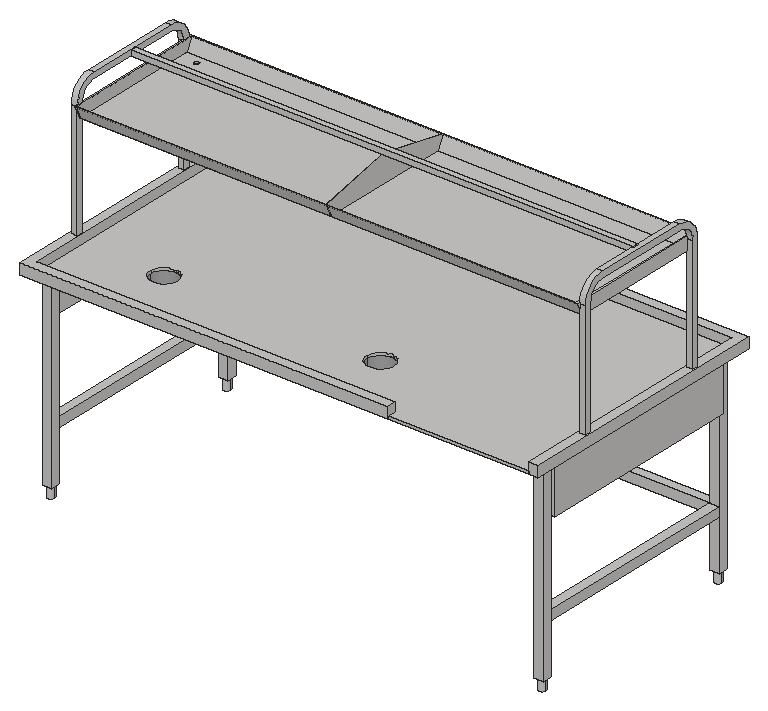
Revit family "QF_ELECTROLUXPROFESSIONAL_865345_BHST2211L", category Attrezzature speciali, Revit 2020
Family settings
  Quota connettore circolare = Usa diametro
  Tipo di parte = Normale
  Basato su piano di lavoro = No
  Sempre verticale = Sì
  Taglio con vuoti quando caricato = No
  Condiviso = No
  Punto di calcolo locali = No
Parameters (values of type "Standard")
  Weight = 19.00 kg
  Watts = 0 W
  Volts = 0 V
  URL Manufacturer = "https://www.electroluxprofessional.com/"
  URL = "https://www.electroluxprofessional.com/"
  Steam Supply Size = 0 mm
  Steam Supply Minimum Pressure = 0.0 Pa
  Steam Supply Maximum Pressure = 0.0 Pa
  Steam Consumption per Hour = 0
  Refrigeration Suction Line Size = 0 mm
  Refrigeration Liquid Line Size = 0 mm
  Refrigerant Compressor Remote = yes
  Prospetto di default = 0 mm
  Produttore = "Electrolux Professional"
  Phase = 0
  Modello = "BHST2211L"
  Length Actual = 2200 mm  # constant formula
  Item Number = "865345"
  Hot Water Size = 0 mm
  Height Actual = 1551 mm  # constant formula
  HP = "0 HP"
  Gas Size = 0 mm
  Gas KW = 0
  Gas Input Pressure = 0 W
  Direct Waste Size = 0 mm
  Description = "SORTING TABLE, LEFT>RIGHT, 2200X1100 MM "
  Depth Actual = 1100 mm  # constant formula
  Cycle = 0 Hz
  Condensate Return Size = 0 mm
  Compressed Air Volume = 0.0 L/s
  Compressed Air Size = 0 mm
  Compressed Air Pressure = 0.0 Pa
  Cold Water Size = 0 mm
  Accessory = yes
Reference planes
  plane 1 "Centro (Fronte/Retro)": y = 0
  plane 2: z = 0
  plane 3 "Centro (Sinistra/Destra)": x = 0
  plane 4: x = 1100
  plane 5: z = 1492
  plane 6: x = 20
  plane 7: y = -557.5
  plane 8: x = 56
  plane 9: x = 944
  plane 10: x = 2200
  plane 11: x = 1644
  plane 12: y = -1115
  plane 13: y = -88
  plane 14: y = -1023
  plane 15: x = 2144
Forms (mm)
  Extrusion 1, solid, material "QF_Finishes_Stainless Steel"
    sketch origin (0, 0, 865) x (1, 0, 0) y (0, 1, 0)
      loop
        line (40, -1075) -> (1560, -1075) -> (1560, -1115) -> (2160, -1115) -> (2160, -40) -> (40, -40) -> (40, -1075)
    from 0 to 10
  Extrusion 2, solid, material "QF_Finishes_Stainless Steel"
    sketch origin (36, -178, 0) x (0, 1, 0) y (0, 0, 1)
      loop
        line (70, 299.579) -> (-825, 299.579) -> (-825, 259.579) -> (70, 259.579) -> (70, 299.579)
    from 0 to 40
  Sweep 3, solid, material "QF_Finishes_Stainless Steel"
    path origin (0, -178, -12) x (0, 1, 0) y (0, 0, 1)
      loop
        line (-95, 922) -> (-95, 1412)
        arc (-95, 1412) -> (-118.431, 1468.569) -> (-175, 1492) r 80
        line (-175, 1492) -> (-584, 1492)
        arc (-584, 1492) -> (-640.569, 1468.569) -> (-664, 1412) r 80
        line (-664, 1412) -> (-664, 922)
    profile origin (0, -273, 1155) x (0, -1, 0) y (1, 0, 0)
      loop
        line (-12, 8) -> (12, 8) -> (12, 32) -> (-12, 32) -> (-12, 8)
  Extrusion 4, solid, material "QF_Finishes_Stainless Steel"
    sketch origin (0, -178, 0) x (0, 1, 0) y (0, 0, 1)
      loop
        line (70, 865) -> (-825, 865) -> (-825, 660) -> (70, 660) -> (70, 865)
    from 20 to 36
  Extrusion 5, solid, material "QF_Finishes_Stainless Steel"
    sketch origin (-964, -68, 0) x (1, 0, 0) y (0, 1, 0)
      loop
        line (1000, 0) -> (1000, -40) -> (1040, -40) -> (1040, 0) -> (1000, 0)
    from 45 to 865
  Extrusion 6, solid, material "QF_Finishes_Stainless Steel"
    sketch origin (-964, -68, 0) x (1, 0, 0) y (0, 1, 0)
      loop
        circle (1020, -20) r 15
    from 0 to 45
  Extrusion 7, solid, material "QF_Finishes_Stainless Steel"
    sketch origin (-964, -1003, 0) x (1, 0, 0) y (0, 1, 0)
      loop
        line (1000, 0) -> (1000, -40) -> (1040, -40) -> (1040, 0) -> (1000, 0)
    from 45 to 865
  Extrusion 8, solid, material "QF_Finishes_Stainless Steel"
    sketch origin (-964, -1003, 0) x (1, 0, 0) y (0, 1, 0)
      loop
        circle (1020, -20) r 15
    from 0 to 45
  Extrusion 9, solid, material "QF_Finishes_Stainless Steel"
    sketch origin (0, -28, 0) x (1, 0, 0) y (0, 0, 1)
      loop
        line (76, 259.624) -> (2124, 259.624) -> (2124, 299.579) -> (76, 299.579) -> (76, 259.624)
    from 40 to 80
  Extrusion 10, solid, material "QF_Finishes_Stainless Steel"
    sketch origin (2200, -178, 0) x (0, 1, 0) y (0, 0, -1)
      loop
        line (70, -865) -> (70, -660) -> (-825, -660) -> (-825, -865) -> (70, -865)
    from 20 to 36
  Extrusion 11, solid, material "QF_Finishes_Stainless Steel"
    sketch origin (3164, -68, 0) x (-1, 0, 0) y (0, -1, 0)
      loop
        line (1000, 0) -> (1040, 0) -> (1040, 40) -> (1000, 40) -> (1000, 0)
    from 45 to 865
  Extrusion 12, solid, material "QF_Finishes_Stainless Steel"
    sketch origin (3164, -68, 0) x (-1, 0, 0) y (0, -1, 0)
      loop
        circle (1020, 20) r 15
    from 0 to 45
  Extrusion 13, solid, material "QF_Finishes_Stainless Steel"
    sketch origin (3164, -1003, 0) x (-1, 0, 0) y (0, -1, 0)
      loop
        line (1000, 0) -> (1040, 0) -> (1040, 40) -> (1000, 40) -> (1000, 0)
    from 45 to 865
  Extrusion 14, solid, material "QF_Finishes_Stainless Steel"
    sketch origin (3164, -1003, 0) x (-1, 0, 0) y (0, -1, 0)
      loop
        circle (1020, 20) r 15
    from 0 to 45
  Extrusion 15, solid, material "QF_Finishes_Stainless Steel"
    sketch origin (0, -178, -12) x (0, 1, 0) y (0, 0, 1)
      loop
        line (-367.5, 1504) -> (-391.5, 1504) -> (-391.5, 1480) -> (-367.5, 1480) -> (-367.5, 1504)
    from 32 to 2168
  Extrusion 16, void
    sketch origin (0, -178, -12) x (1, 0, 0) y (0, 1, 0)
      loop
        circle (108.268, -136.161) r 12
    from 1301.755 to 1377.519
  Extrusion 17, solid, material "QF_Finishes_Stainless Steel"
    sketch origin (0, -178, -12) x (1, 0, 0) y (0, 1, 0)
      loop
        circle (108.21, -136.146) r 13
    from 1316.037 to 1362.532
  Extrusion 18, void
    sketch origin (0, -178, -12) x (1, 0, 0) y (0, 1, 0)
      loop
        circle (108.268, -136.161) r 10
    from 1301.755 to 1377.519
  Sweep 19, solid, material "QF_Finishes_Stainless Steel"
    path origin (2200, -178, -12) x (0, 1, 0) y (0, 0, -1)
      loop
        line (-95, -922) -> (-95, -1412)
        arc (-95, -1412) -> (-118.431, -1468.569) -> (-175, -1492) r 80
        line (-175, -1492) -> (-584, -1492)
        arc (-584, -1492) -> (-640.569, -1468.569) -> (-664, -1412) r 80
        line (-664, -1412) -> (-664, -922)
    profile origin (2200, -273, 1155) x (0, 1, 0) y (-1, 0, 0)
      loop
        line (12, 8) -> (12, 32) -> (-12, 32) -> (-12, 8) -> (12, 8)
  Extrusion 20, solid, material "QF_Finishes_Stainless Steel"
    sketch origin (1, -178, 0) x (0, 1, 0) y (0, 0, 1)
      loop
        line (-367.5, 1468) -> (-391.5, 1468) -> (-687.809, 1406.976) -> (-663.034, 1353.844) -> (-95.966, 1353.844) -> (-71.191, 1406.976) -> (-367.5, 1468)
    from 1098 to 1100
  Extrusion 21, void
    sketch origin (32, -178, -6.687) x (0, 1, 0) y (0, 0, 1)
      loop
        line (-56.629, 1444.891) -> (-702.371, 1444.891) -> (-663.034, 1360.532) -> (-95.966, 1360.532) -> (-56.629, 1444.891)
    from 3.287 to 2130
  Extrusion 22, solid, material "QF_Finishes_Stainless Steel"
    sketch origin (32, -178, -12) x (0, 1, 0) y (0, 0, 1)
      loop
        line (-70.92, 1418.976) -> (-688.08, 1418.976) -> (-661.76, 1362.532) -> (-97.24, 1362.532) -> (-70.92, 1418.976)
    from 0 to 2136
  Extrusion 23, solid, material "QF_Finishes_Stainless Steel"
    sketch origin (2164, -178, 0) x (0, 1, 0) y (0, 0, -1)
      loop
        line (70, -299.579) -> (70, -259.579) -> (-825, -259.579) -> (-825, -299.579) -> (70, -299.579)
    from 0 to 40
  Extrusion 24, solid, material "QF_Finishes_Stainless Steel"
    sketch origin (2200, 0, 865) x (-1, 0, 0) y (0, -1, 0)
      loop
        line (0, 0) -> (2200, 0) -> (2200, 1115) -> (640, 1115) -> (640, 1075) -> (2160, 1075) -> (2160, 40) -> (40, 40) -> (40, 1115) -> (0, 1115) -> (0, 0)
    from 0 to 45
  Extrusion 25, void
    sketch origin (1000, -349.25, 0) x (-1, 0, 0) y (0, -1, 0)
      loop
        circle (610, 490) r 58
    from 674.596 to 947.421
  Extrusion 26, void
    sketch origin (1920, -349.25, 0) x (-1, 0, 0) y (0, -1, 0)
      loop
        circle (610, 490) r 58
    from 674.596 to 947.421
Cuts and joins
  Extrusion 16 cuts Extrusion 17
  Extrusion 25, Extrusion 26 cuts Extrusion 1
  Extrusion 18, Extrusion 21 cuts Extrusion 22
Dimensions and locks
  plane 5 to level = 1492 mm  (x2)
  plane 10 to plane 3 "Centro (Sinistra/Destra)" = 2200 mm
  plane 1 "Centro (Fronte/Retro)" to plane 12 = 1115 mm  (x2)
  Extrusion 5 to Extrusion 7 = 895 mm
  plane 13 to plane 14 = 935 mm
  Extrusion 9 to Extrusion 9 = 39.955 mm
  plane 15 to plane 8 = 2088 mm
  Sweep 3 to Sweep 3 = 545 mm
  plane 3 "Centro (Sinistra/Destra)" to plane 10 = 2200 mm
  aligned and locked: level to plane 2
  aligned and locked: Extrusion 6 to Extrusion 5
  aligned and locked: Extrusion 8 to Extrusion 7
  aligned and locked: Extrusion 11 to Extrusion 12
  aligned and locked: Extrusion 13 to Extrusion 14
Nested families
  nested 1: "FORO_IMMONDIZIE - 200" at (390, -839.065, 863.471) x (-1, 0, 0) z (0, 0, 1), type "FORO_IMMONDIZIE - 200"
  nested 2: "FORO_IMMONDIZIE - 200" at (1310, -839.065, 863.471) x (-1, 0, 0) z (0, 0, 1), type "FORO_IMMONDIZIE - 200"
Definition of nested family "FORO_IMMONDIZIE - 200"
  Parameters (values of type "FORO_IMMONDIZIE - 200")
    Default Elevation = 1219.2 mm
  Reference planes
    plane 1 "Centro (Fronte/Retro)": y = 0
    plane 2: z = 0
    plane 3 "Centro (Sinistra/Destra)": x = 0
    plane 4: z = -110
  Forms (mm)
    Extrusion 1, solid, not visible
      sketch origin (0, 0, 0) x (1, 0, 0) y (0, 1, 0)
        loop
          line (-1219.2, 1219.2) -> (-1219.2, -1219.2) -> (1219.2, -1219.2) -> (1219.2, 1219.2) -> (-1219.2, 1219.2)
      from 0 to -304.8
    Extrusion 2, solid
      sketch origin (0, 0, 0) x (1, 0, 0) y (0, 1, 0)
        loop
          circle (0, 0) r 60
        loop
          circle (0, 0) r 90
      from -110 to 1.529
  Dimensions and locks
    aligned and locked: plane 2 to Extrusion 1
    aligned and locked: level to Extrusion 1
